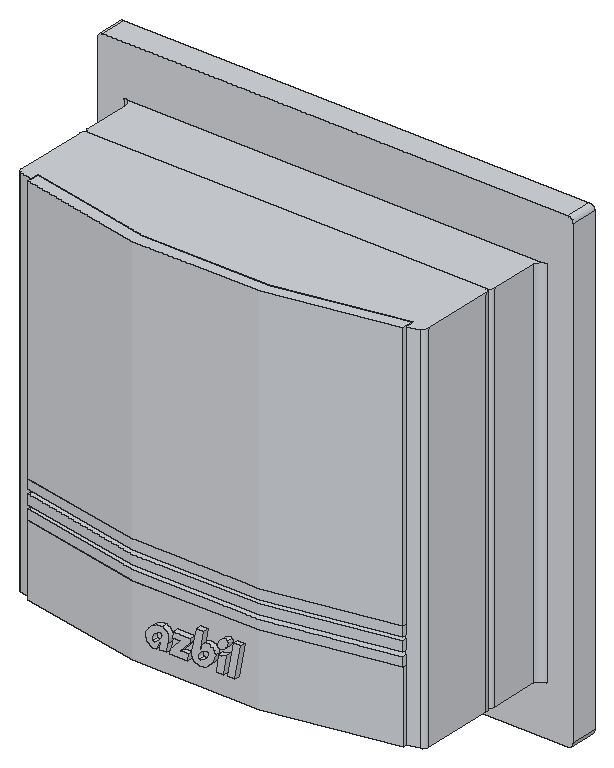
Revit family "室内用湿度ｾﾝｻｰ(ロゴあり)", category Electrical Equipment, Revit 2020
Family settings
  Panel Configuration = Two Columns, Circuits Across
  Round Connector Dimension = Use Diameter
  Part Type = Panelboard
  OmniClass Number = 23.80.30.11.17
  OmniClass Title = Distribution Boards and Control Panels
  Work Plane-Based = No
  Always vertical = Yes
  Cut with Voids When Loaded = No
  Shared = No
  Room Calculation Point = No
Parameters
  電線管φ [instance] = 1 mm
  built-in parameter 1140142 [instance] = -1
  built-in parameter 1140140 [instance] = 1 (stored number, unit not read)
  built-in parameter 1155100 [instance] = -1
  Default Elevation = 0 mm
Reference planes
  plane 1 "中心(正面/背面)": y = 0
  plane 2: z = 0
  plane 3 "中心(左/右)": x = 0
Forms (mm)
  Extrusion 1, solid
    sketch origin (0, 0, 0) x (1, 0, 0) y (0, 0, 1)
      loop
        arc (-45, -44) -> (-44.707, -44.707) -> (-44, -45) r 1
        line (-44, -45) -> (44, -45)
        arc (44, -45) -> (44.707, -44.707) -> (45, -44) r 1
        line (45, -44) -> (45, 44)
        arc (45, 44) -> (44.707, 44.707) -> (44, 45) r 1
        line (44, 45) -> (-44, 45)
        arc (-44, 45) -> (-44.707, 44.707) -> (-45, 44) r 1
        line (-45, 44) -> (-45, -44)
    from -27.5 to -22.5
  Extrusion 2, solid
    sketch origin (0, 0, 0) x (1, 0, 0) y (0, 1, 0)
      loop
        arc (-40, 22.5) -> (-38.939, 22.061) -> (-38.5, 21) r 1.5
        line (-38.5, 21) -> (-38.5, 12)
        arc (-38.5, 12) -> (-38.207, 11.293) -> (-37.5, 11) r 1
        line (-37.5, 11) -> (37.5, 11)
        arc (37.5, 11) -> (38.207, 11.293) -> (38.5, 12) r 1
        line (38.5, 12) -> (38.5, 21)
        arc (38.5, 21) -> (38.939, 22.061) -> (40, 22.5) r 1.5
        line (40, 22.5) -> (-40, 22.5)
    from -35.5 to 35.41
  Extrusion 3, solid
    sketch origin (0, 0, 0) x (1, 0, 0) y (0, 1, 0)
      loop
        arc (-37.5, 11) -> (-38.207, 10.707) -> (-38.5, 10) r 1
        line (-38.5, 10) -> (-38.5, -3.669)
        arc (-38.5, -3.669) -> (-38.307, -4.259) -> (-37.804, -4.622) r 1
        arc (-37.804, -4.622) -> (-36.654, -4.982) -> (-35.5, -5.331) r 124.5
        line (-35.5, -5.331) -> (-35.5, -3.557)
        arc (-35.5, -3.557) -> (0, -8.8) -> (35.5, -3.557) r 122.8
        line (35.5, -3.557) -> (35.5, -5.331)
        arc (35.5, -5.331) -> (36.654, -4.982) -> (37.804, -4.622) r 124.5
        arc (37.804, -4.622) -> (38.307, -4.259) -> (38.5, -3.669) r 1
        line (38.5, -3.669) -> (38.5, 10)
        arc (38.5, 10) -> (38.207, 10.707) -> (37.5, 11) r 1
        line (37.5, 11) -> (-37.5, 11)
    from -35.5 to 35.5
  Extrusion 4, solid
    sketch origin (0, 0, 0) x (1, 0, 0) y (0, 1, 0)
      loop
        arc (-35.5, -5.853) -> (0, -11) -> (35.5, -5.853) r 125
        line (35.5, -5.853) -> (35.5, -3.557)
        arc (35.5, -3.557) -> (0, -8.8) -> (-35.5, -3.557) r 122.8
        line (-35.5, -3.557) -> (-35.5, -5.853)
    from -35.5 to -22
  Extrusion 5, solid
    sketch origin (0, -0.043, 0) x (1, 0, 0) y (0, 1, 0)
      loop
        arc (-35.5, -5.853) -> (0, -11) -> (35.5, -5.853) r 125
        line (35.5, -5.853) -> (35.5, -3.557)
        arc (35.5, -3.557) -> (0, -8.8) -> (-35.5, -3.557) r 122.8
        line (-35.5, -3.557) -> (-35.5, -5.853)
    from -15 to 35.5
  Extrusion 6, solid
    sketch origin (0, -0.043, -4.4) x (1, 0, 0) y (0, 1, 0)
      loop
        arc (-35.5, -5.853) -> (0, -11) -> (35.5, -5.853) r 125
        line (35.5, -5.853) -> (35.5, -3.557)
        arc (35.5, -3.557) -> (0, -8.8) -> (-35.5, -3.557) r 122.8
        line (-35.5, -3.557) -> (-35.5, -5.853)
    from -15 to -13.2
  Extrusion 7, solid
    sketch origin (0, -0.043, -1.8) x (1, 0, 0) y (0, 1, 0)
      loop
        arc (-35.5, -5.853) -> (0, -11) -> (35.5, -5.853) r 125
        line (35.5, -5.853) -> (35.5, -3.557)
        arc (35.5, -3.557) -> (0, -8.8) -> (-35.5, -3.557) r 122.8
        line (-35.5, -3.557) -> (-35.5, -5.853)
    from -15 to -13.2
  Extrusion 8, solid
    sketch origin (0, -0.043, -7) x (1, 0, 0) y (0, 1, 0)
      loop
        arc (-35.5, -5.853) -> (0, -11) -> (35.5, -5.853) r 125
        line (35.5, -5.853) -> (35.5, -3.557)
        arc (35.5, -3.557) -> (0, -8.8) -> (-35.5, -3.557) r 122.8
        line (-35.5, -3.557) -> (-35.5, -5.853)
    from -15 to -13.2
  Extrusion 9, solid
    sketch origin (0.579, -15.492, -234.375) x (1, 0, 0) y (0, 0, 1)
      loop
        line (2.028, 209.479) -> (0.657, 209.479) -> (-0.164, 205.244)
        arc (-0.164, 205.244) -> (-0.148, 204.505) -> (0.171, 203.837) r 1.754
        arc (0.171, 203.837) -> (1.022, 203.478) -> (1.944, 203.525) r 2.069
        arc (1.944, 203.525) -> (3.516, 204.557) -> (4.213, 206.303) r 3.13
        arc (4.213, 206.303) -> (3.45, 207.476) -> (2.05, 207.488) r 1.479
        line (2.05, 207.488) -> (1.419, 206.337) -> (2.028, 209.479)
      loop
        line (7.636, 209.479) -> (6.586, 203.521) -> (7.957, 203.521) -> (9.008, 209.479) -> (7.636, 209.479)
      loop
        line (5.782, 203.521) -> (6.389, 206.963)
        arc (6.389, 206.963) -> (5.696, 206.683) -> (4.953, 206.603) r 2.712
        line (4.953, 206.603) -> (4.41, 203.521) -> (5.782, 203.521)
      loop
        line (-4.41, 203.521) -> (-0.981, 203.521) -> (-0.781, 204.656) -> (-2.4, 204.656) -> (-0.508, 206.642) -> (-0.342, 207.493) -> (-3.677, 207.493) -> (-3.877, 206.358) -> (-2.297, 206.358) -> (-4.254, 204.401) -> (-4.41, 203.521)
      loop
        arc (-4.811, 205.09) -> (-4.628, 206.587) -> (-5.775, 207.566) r 1.594
        arc (-5.775, 207.566) -> (-7.883, 206.92) -> (-8.997, 205.017) r 3.033
        arc (-8.997, 205.017) -> (-8.305, 203.731) -> (-6.863, 203.502) r 1.646
        line (-6.863, 203.502) -> (-6.23, 204.656) -> (-6.372, 203.521) -> (-4.978, 203.521)
        arc (-4.978, 203.521) -> (-4.916, 204.308) -> (-4.811, 205.09) r 14.52
      loop
        spline (4.823, 207.767) -> (4.981, 207.669) -> (5.188, 207.637) -> (5.429, 207.673) -> (5.689, 207.775) -> (5.949, 207.936) -> (6.192, 208.146) -> (6.401, 208.389) -> (6.562, 208.649) -> (6.665, 208.909) -> (6.701, 209.15) -> (6.669, 209.357) -> (6.571, 209.514)
        spline (6.571, 209.514) -> (6.413, 209.613) -> (6.206, 209.645) -> (5.965, 209.609) -> (5.705, 209.506) -> (5.445, 209.345) -> (5.202, 209.136) -> (4.993, 208.893) -> (4.831, 208.632) -> (4.729, 208.373) -> (4.693, 208.131) -> (4.725, 207.925) -> (4.823, 207.767)
    from -4.5 to -3.547
  Extrusion 10, void
    sketch origin (0.653, -15.156, -234.375) x (1, 0, 0) y (0, 0, 1)
      loop
        spline (-7.641, 204.685) -> (-7.501, 204.603) -> (-7.315, 204.582) -> (-7.094, 204.626) -> (-6.854, 204.73) -> (-6.611, 204.887) -> (-6.381, 205.088) -> (-6.181, 205.318) -> (-6.023, 205.561) -> (-5.919, 205.801) -> (-5.875, 206.022) -> (-5.896, 206.208) -> (-5.978, 206.347)
        spline (-5.978, 206.347) -> (-6.117, 206.43) -> (-6.304, 206.45) -> (-6.525, 206.407) -> (-6.765, 206.303) -> (-7.008, 206.145) -> (-7.238, 205.945) -> (-7.438, 205.715) -> (-7.596, 205.472) -> (-7.7, 205.231) -> (-7.743, 205.011) -> (-7.723, 204.824) -> (-7.641, 204.685)
      loop
        spline (1.155, 204.646) -> (1.294, 204.563) -> (1.48, 204.543) -> (1.701, 204.587) -> (1.941, 204.691) -> (2.184, 204.848) -> (2.414, 205.049) -> (2.615, 205.278) -> (2.772, 205.522) -> (2.876, 205.762) -> (2.92, 205.983) -> (2.899, 206.169) -> (2.817, 206.308)
        spline (2.817, 206.308) -> (2.678, 206.391) -> (2.491, 206.411) -> (2.27, 206.368) -> (2.03, 206.264) -> (1.787, 206.106) -> (1.557, 205.906) -> (1.357, 205.676) -> (1.199, 205.433) -> (1.095, 205.192) -> (1.052, 204.972) -> (1.072, 204.785) -> (1.155, 204.646)
    from -4.163 to -2.257
  Extrusion 11, solid
    sketch origin (0, 0, 0) x (1, 0, 0) y (0, 0, 1)
      loop
        circle (0, 0) r 0.5
    from -27.5 to -11
Cuts and joins
  Extrusion 10 cuts Extrusion 9
Dimensions and locks
  "電線管φ": diameter of Extrusion 11 sketch curve
  aligned and locked: level to plane 2
Automatic sketch dimensions
  Extrusion 1 sketch curve to plane 3 "中心(左/右)" = 45 mm
  Extrusion 1 sketch curve to Extrusion 1 sketch curve = 1 mm  (x3)
  plane 3 "中心(左/右)" to Extrusion 1 sketch curve = 44 mm  (x2)
  Extrusion 1 sketch curve to level = 45 mm
  level to Extrusion 1 sketch curve = 44 mm
  Extrusion 2 sketch curve to plane 3 "中心(左/右)" = 40 mm
  Extrusion 2 sketch curve to Extrusion 2 sketch curve = 1.5 mm  (x2)
  Extrusion 2 sketch curve to Extrusion 2 sketch curve = 1 mm  (x2)
  Extrusion 2 sketch curve to plane 1 "中心(正面/背面)" = 11 mm
  plane 3 "中心(左/右)" to Extrusion 2 sketch curve = 37.5 mm
  Extrusion 2 sketch curve to Extrusion 2 sketch curve = 9 mm  (x2)
  Extrusion 2 sketch curve to Extrusion 2 sketch curve = 0 mm  (x3)
  Extrusion 3 sketch curve to Extrusion 3 sketch curve = 0 mm  (x6)
  Extrusion 3 sketch curve to plane 3 "中心(左/右)" = 0 mm
  plane 1 "中心(正面/背面)" to Extrusion 3 sketch curve = 5.331 mm  (x2)
  Extrusion 3 sketch curve to plane 3 "中心(左/右)" = 35.5 mm
  Extrusion 3 sketch curve to Extrusion 3 sketch curve = 2 mm  (x4)
  Extrusion 3 sketch curve to Extrusion 3 sketch curve = 1 mm  (x2)
  plane 3 "中心(左/右)" to Extrusion 3 sketch curve = 35.5 mm
  Extrusion 3 sketch curve to Extrusion 3 sketch curve = 1.662 mm  (x2)
  Extrusion 3 sketch curve to Extrusion 3 sketch curve = 1.775 mm
  Extrusion 3 sketch curve to plane 1 "中心(正面/背面)" = 10 mm
  Extrusion 3 sketch curve to Extrusion 3 sketch curve = 103 mm
  Extrusion 4 sketch curve to Extrusion 4 sketch curve = 0 mm  (x2)
  Extrusion 4 sketch curve to plane 3 "中心(左/右)" = 0 mm
  plane 1 "中心(正面/背面)" to Extrusion 4 sketch curve = 5.853 mm  (x2)
  Extrusion 4 sketch curve to plane 3 "中心(左/右)" = 35.5 mm
  Extrusion 4 sketch curve to Extrusion 4 sketch curve = 2.296 mm
  Extrusion 4 sketch curve to plane 1 "中心(正面/背面)" = 114 mm
  Extrusion 5 sketch curve to Extrusion 5 sketch curve = 0 mm  (x2)
  Extrusion 5 sketch curve to plane 3 "中心(左/右)" = 0 mm
  plane 1 "中心(正面/背面)" to Extrusion 5 sketch curve = 5.896 mm  (x2)
  Extrusion 5 sketch curve to plane 3 "中心(左/右)" = 35.5 mm
  Extrusion 5 sketch curve to Extrusion 5 sketch curve = 2.296 mm
  Extrusion 5 sketch curve to plane 1 "中心(正面/背面)" = 113.957 mm
  Extrusion 6 sketch curve to Extrusion 6 sketch curve = 0 mm  (x2)
  Extrusion 6 sketch curve to plane 3 "中心(左/右)" = 0 mm
  plane 1 "中心(正面/背面)" to Extrusion 6 sketch curve = 5.896 mm  (x2)
  Extrusion 6 sketch curve to plane 3 "中心(左/右)" = 35.5 mm
  Extrusion 6 sketch curve to Extrusion 6 sketch curve = 2.296 mm
  Extrusion 6 sketch curve to plane 1 "中心(正面/背面)" = 113.957 mm
  Extrusion 7 sketch curve to Extrusion 7 sketch curve = 0 mm  (x2)
  Extrusion 7 sketch curve to plane 3 "中心(左/右)" = 0 mm
  plane 1 "中心(正面/背面)" to Extrusion 7 sketch curve = 5.896 mm  (x2)
  Extrusion 7 sketch curve to plane 3 "中心(左/右)" = 35.5 mm
  Extrusion 7 sketch curve to Extrusion 7 sketch curve = 2.296 mm
  Extrusion 7 sketch curve to plane 1 "中心(正面/背面)" = 113.957 mm
  Extrusion 8 sketch curve to Extrusion 8 sketch curve = 0 mm  (x2)
  Extrusion 8 sketch curve to plane 3 "中心(左/右)" = 0 mm
  plane 1 "中心(正面/背面)" to Extrusion 8 sketch curve = 5.896 mm  (x2)
  Extrusion 8 sketch curve to plane 3 "中心(左/右)" = 35.5 mm
  Extrusion 8 sketch curve to Extrusion 8 sketch curve = 2.296 mm
  Extrusion 8 sketch curve to plane 1 "中心(正面/背面)" = 113.957 mm
  Extrusion 9 sketch curve to plane 3 "中心(左/右)" = 6.773 mm
  Extrusion 9 sketch curve to Extrusion 9 sketch curve = 0.489 mm
  Extrusion 9 sketch curve to Extrusion 9 sketch curve = 0.491 mm
  Extrusion 9 sketch curve to Extrusion 9 sketch curve = 0.142 mm
  Extrusion 9 sketch curve to Extrusion 9 sketch curve = 0.117 mm
  Extrusion 9 sketch curve to Extrusion 9 sketch curve = 0.229 mm
  Extrusion 9 sketch curve to Extrusion 9 sketch curve = 1.394 mm
  Extrusion 9 sketch curve to Extrusion 9 sketch curve = 0.569 mm
  Extrusion 9 sketch curve to Extrusion 9 sketch curve = 0.155 mm
  Extrusion 9 sketch curve to Extrusion 9 sketch curve = 0.378 mm
  Extrusion 9 sketch curve to Extrusion 9 sketch curve = 0.2 mm
  Extrusion 9 sketch curve to plane 3 "中心(左/右)" = 1.82 mm
  Extrusion 9 sketch curve to Extrusion 9 sketch curve = 1.579 mm
  Extrusion 9 sketch curve to plane 3 "中心(左/右)" = 0.402 mm
  Extrusion 9 sketch curve to plane 3 "中心(左/右)" = 0.202 mm
  plane 3 "中心(左/右)" to Extrusion 9 sketch curve = 0.072 mm
  plane 3 "中心(左/右)" to Extrusion 9 sketch curve = 0.237 mm
  plane 3 "中心(左/右)" to Extrusion 9 sketch curve = 0.416 mm
  plane 3 "中心(左/右)" to Extrusion 9 sketch curve = 1.236 mm
  Extrusion 9 sketch curve to Extrusion 9 sketch curve = 1.599 mm
  Extrusion 9 sketch curve to Extrusion 9 sketch curve = 0.289 mm
  Extrusion 9 sketch curve to Extrusion 9 sketch curve = 0.328 mm
  Extrusion 9 sketch curve to Extrusion 9 sketch curve = 0.178 mm
  Extrusion 9 sketch curve to Extrusion 9 sketch curve = 1.372 mm  (x3)
  Extrusion 9 sketch curve to Extrusion 9 sketch curve = 0.631 mm
  Extrusion 9 sketch curve to Extrusion 9 sketch curve = 1.319 mm
  Extrusion 9 sketch curve to Extrusion 9 sketch curve = 1.671 mm
  Extrusion 9 sketch curve to Extrusion 9 sketch curve = 2.215 mm
  Extrusion 9 sketch curve to Extrusion 9 sketch curve = 0.082 mm
  Extrusion 9 sketch curve to Extrusion 9 sketch curve = 1.435 mm
  Extrusion 9 sketch curve to Extrusion 9 sketch curve = 0.804 mm
  Extrusion 9 sketch curve to Extrusion 9 sketch curve = 2.601 mm
  Extrusion 9 sketch curve to Extrusion 9 sketch curve = 1.371 mm
  Extrusion 9 sketch curve to Extrusion 9 sketch curve = 1.566 mm
  Extrusion 9 sketch curve to level = 31.608 mm
  Extrusion 9 sketch curve to Extrusion 9 sketch curve = 0.735 mm
  Extrusion 9 sketch curve to Extrusion 9 sketch curve = 0.019 mm
  Extrusion 9 sketch curve to Extrusion 9 sketch curve = 0.754 mm  (x2)
  Extrusion 9 sketch curve to Extrusion 9 sketch curve = 0 mm  (x2)
  Extrusion 9 sketch curve to Extrusion 9 sketch curve = 0.88 mm
  Extrusion 9 sketch curve to Extrusion 9 sketch curve = 1.02 mm
  Extrusion 9 sketch curve to Extrusion 9 sketch curve = 1.135 mm
  Extrusion 9 sketch curve to Extrusion 9 sketch curve = 0.115 mm
  Extrusion 9 sketch curve to Extrusion 9 sketch curve = 0.255 mm
  Extrusion 9 sketch curve to Extrusion 9 sketch curve = 0.417 mm
  Extrusion 9 sketch curve to Extrusion 9 sketch curve = 0.589 mm
  Extrusion 9 sketch curve to Extrusion 9 sketch curve = 0.605 mm
  Extrusion 9 sketch curve to Extrusion 9 sketch curve = 1.352 mm
  Extrusion 9 sketch curve to Extrusion 9 sketch curve = 0.664 mm
  Extrusion 9 sketch curve to Extrusion 9 sketch curve = 0.822 mm
  Extrusion 9 sketch curve to Extrusion 9 sketch curve = 1.703 mm
  Extrusion 9 sketch curve to Extrusion 9 sketch curve = 0.199 mm
  Extrusion 9 sketch curve to Extrusion 9 sketch curve = 0.423 mm
  Extrusion 9 sketch curve to Extrusion 9 sketch curve = 1.398 mm
  Extrusion 9 sketch curve to Extrusion 9 sketch curve = 0.361 mm
  Extrusion 9 sketch curve to Extrusion 9 sketch curve = 1.151 mm
  Extrusion 9 sketch curve to Extrusion 9 sketch curve = 0.851 mm
  Extrusion 9 sketch curve to Extrusion 9 sketch curve = 2.516 mm
  Extrusion 9 sketch curve to Extrusion 9 sketch curve = 1.991 mm
  Extrusion 9 sketch curve to Extrusion 9 sketch curve = 1.645 mm
  Extrusion 9 sketch curve to Extrusion 9 sketch curve = 0.338 mm
  plane 3 "中心(左/右)" to Extrusion 9 sketch curve = 0.75 mm
  Extrusion 9 sketch curve to Extrusion 9 sketch curve = 0.13 mm
  Extrusion 9 sketch curve to Extrusion 9 sketch curve = 0.662 mm
  Extrusion 9 sketch curve to Extrusion 9 sketch curve = 1.164 mm
  Extrusion 10 sketch curve to plane 3 "中心(左/右)" = 6.988 mm
  plane 3 "中心(左/右)" to Extrusion 10 sketch curve = 1.808 mm
  Extrusion 10 sketch curve to level = 29.729 mm
  Extrusion 10 sketch curve to Extrusion 10 sketch curve = 0.831 mm  (x2)
  Extrusion 10 sketch curve to Extrusion 10 sketch curve = 0.039 mm
  Extrusion 11 sketch curve to level = 0 mm
  Extrusion 11 sketch curve to plane 3 "中心(左/右)" = 0 mm
Connectors
  electrical at (0, 22.5, -0.045)
    settings: on Extrusion 2, index 1, voltage 0 V, apparent load 0 VA, apparent load phase1 0 VA, apparent load phase2 0 VA, apparent load phase3 0 VA, power factor 1, load classification "その他", number of poles 1, system type 31, power factor state 1, is connector primary yes, connector utility no, sub classification motor no, connector description ""
  cabletrayconduit at (0, 27.5, 0), diameter 1, driven by "電線管φ"
    settings: on Extrusion 11, index 2, connector width 300 mm, connector height 300 mm, connector angle 0.00°, system type 32, placement type 0, profile type 0, connector reference index -1, is primary connector yes, connector utility param no, connector description ""
